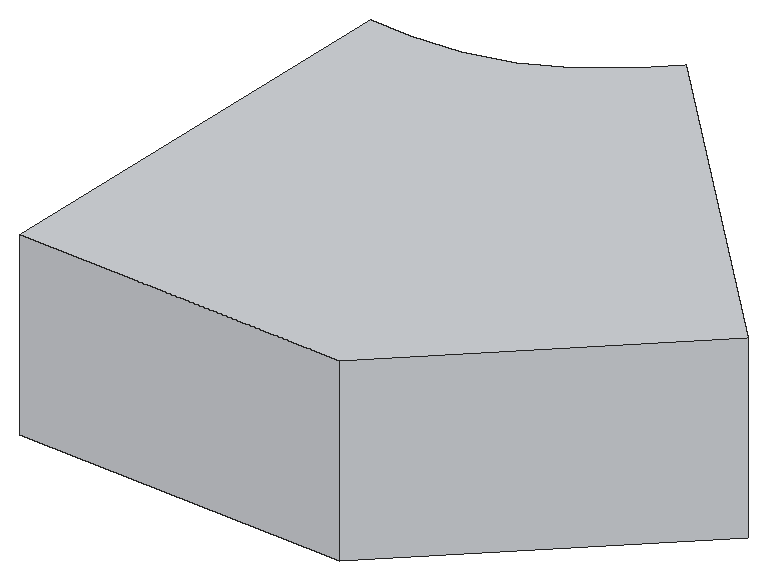
Revit family "99713cb93aaf402db26f9b5fa91dcce1", category Duct Fittings, Revit 2021
Family settings
  Round Connector Dimension = Use Diameter
  Part Type = Elbow
  OmniClass Number = 23.75.70.14
  OmniClass Title = Air Ductwork
  Seek Item ID = Rectangular Elbow - Round Throat - Sharp Heel-0000-USA-ENU
  Work Plane-Based = No
  Always vertical = Yes
  Cut with Voids When Loaded = No
  Shared = No
Parameters (values of type "Standard")
  Duct Length 2 [instance] = Throat Radius + Duct Width / 2  # 23"
  Duct Length 3 [instance] = (Throat Radius + Duct Width / 2) * tan(Angle / 2)  # 9.52691"
  Duct Length 1 [instance] = Shoulder Length + (Duct Width / 2 + Throat Radius) * tan(Angle / 2)  # 11.52691"
  Duct Width [instance] = 22"
  Throat Radius [instance] = 12"
  Shoulder Length [instance] = 2"
  Duct Height [instance] = 9"
  Default Elevation = 0' - 0"
  Assembly Code = ""
  Angle [instance] = 45.00°
Reference planes (in)
  plane 1 "Center (Front/Back)": y = 0
  plane 2: z = 0
  plane 3 "Center (Left/Right)": x = 0
  plane 4 "Bottom": z = -4.5
  plane 5 "Lining": z = -4.5
  plane 6 "Insulation": z = -4.5
  plane 7: x = -9.52691
  plane 8: y = 23
Forms (in)
  Sweep 1, solid, detail levels medium+fine
    path in 3D
      loop
        line (8.15076, 8.15076, 0) -> (0, 0, 0) -> (-11.52691, 0, 0)
    profile "Duct - Rectangular : Duct - Rectangular" origin (-5.76346, 0, 0) x (0, -1, 0) y (0, 0, 1)
      loop
        line (-11, 4.5) -> (-11, -4.5) -> (11, -4.5) -> (11, 4.5) -> (-11, 4.5)
  Sweep 2, solid, detail levels medium+fine
    path in 3D
      loop
        line (-11.52691, 0, 0) -> (-9.52691, 0, 0)
        arc (-9.52691, 0, 0) -> (-0.72519, 1.75077, 0) -> (6.73654, 6.73654, 0) r 23
        line (6.73654, 6.73654, 0) -> (8.15076, 8.15076, 0)
    profile "Duct - Rectangular : Duct - Rectangular" origin (-0.72519, 1.75077, 0) x (-0.382683, 0.92388, 0) y (0, 0, 1)
      loop
        line (-11, 4.5) -> (-11, -4.5) -> (11, -4.5) -> (11, 4.5) -> (-11, 4.5)
Cuts and joins
  joined: Sweep 1, Sweep 2
Lines and regions (in)
  model lines, detail levels coarse
    curve 1: line (0, 0, 0) -> (-11.52691, 0, 0)
    curve 2: line (0, 0, 0) -> (8.15076, 8.15076, 0)
  sketch lines
    curve 3: line (0, 0, 0) -> (-11.52691, 0, 0)
    curve 4: line (0, 0, 0) -> (8.15076, 8.15076, 0)
    curve 6: arc (-9.52691, 0, 0) -> (-0.72519, 1.75077, 0) -> (6.73654, 6.73654, 0) r 23
    curve 9: line (-9.52691, 0, 0) -> (-11.52691, 0, 0)
    curve 10: line (6.73654, 6.73654, 0) -> (8.15076, 8.15076, 0)
  reference lines
    curve 5: arc (-9.52691, 0, 0) -> (-0.72519, 1.75077, 0) -> (6.73654, 6.73654, 0) r 23
    curve 7: line (-9.52691, 0, 0) -> (-11.52691, 0, 0)
    curve 8: line (6.73654, 6.73654, 0) -> (8.15076, 8.15076, 0)
Dimensions and locks (in)
  locked: plane 4 "Bottom" to plane 2 at 4.5
  "Duct Length 1": curve 1 to curve 1
  "Duct Length 1": curve 2 to curve 2
  "Duct Length 2": plane 1 "Center (Front/Back)" to plane 8
  "Duct Length 3": plane 7 to plane 3 "Center (Left/Right)"
  "Shoulder Length": curve 7 to curve 7
  "Shoulder Length": curve 8 to curve 8
  "Duct Length 2": radius of curve 5
  "Angle": angle plane 1 "Center (Front/Back)" to curve 2
  "Angle": angle curve 5 to curve 5
  "Angle": angle plane 1 "Center (Front/Back)" to curve 8
  aligned and locked: curve 1 to plane 1 "Center (Front/Back)"
  aligned and locked: plane 8 to curve 5
  aligned and locked: plane 7 to curve 5
Automatic sketch dimensions
  curve 2 to plane 3 "Center (Left/Right)" = 0' - 0"
Connectors (in)
  hvac at (-11.52691, 0, 0), driven by "Angle", driven by "Duct Height", driven by "Duct Width"
    settings: on cut or joined group of Sweep 1, Sweep 2, index 1, duct flow 0 CFM, flow factor 0, pres drop 0.00 in-wg, loss coef 0, conn angle 45.00°, conn width 22", conn height 9", conn diameter 24", duct sys type 28, conn prof type 1, flow config 0, flow direction 0, loss method 0, conn ref index 2, conn util no, is conn primary yes, conn desc ""
  hvac at (8.15076, 8.15076, 0), driven by "Angle", driven by "Duct Height", driven by "Duct Width"
    settings: on cut or joined group of Sweep 1, Sweep 2, index 2, duct flow 0 CFM, flow factor 0, pres drop 0.00 in-wg, loss coef 0, conn angle 45.00°, conn width 22", conn height 9", conn diameter 24", duct sys type 28, conn prof type 1, flow config 0, flow direction 0, loss method 0, conn ref index 1, conn util no, is conn primary no, conn desc ""
